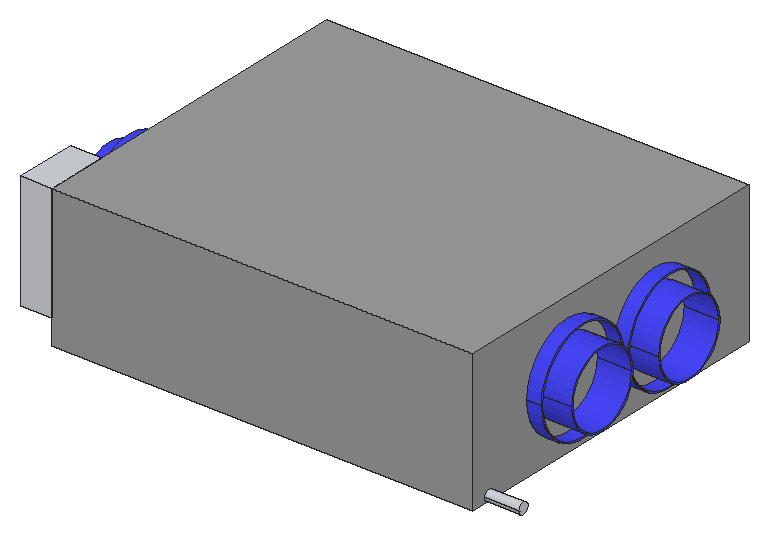
Revit family "H_e80", category Generic Models, Revit 2018
Family settings
  Can host rebar = No
  Round Connector Dimension = Use Diameter
  Part Type = Normal
  Work Plane-Based = No
  Always vertical = No
  Cut with Voids When Loaded = No
  Shared = No
  Room Calculation Point = No
Parameters (values of type "H80")
  Weight on expedition = "42.00 lb"
  Weight = "35.00 lb"
  MinDucking = 1"
  MaxDucking = 2.25"
  Manufacturer = ""
  Longueur = 27"
  Largeur = 22"
  Hauteur = 9"
  Filter number = "2"
  Fan Number = "2"
  E_con_H = 0.98438"
  E_Con_L = 3"
  Drain_Con_L = 1.19922"
  Drain_Con_H = 0.39844"
  Drain = yes
  D_SA_L = 7.5"
  D_SA_H = 3.82422"
  D_RA_L = 5.08594"
  D_RA_H = 4.49609"
  D_OA_L = 7.55078"
  D_OA_H = 4.64453"
  D_EA_L = 7.5"
  D_EA_H = 4.5"
  DI_out_int = 3.23047"
  DI_Out_out = 3.29297"
  DI_IN_out = 2.42188"
  DI_IN_Int = 2.36328"
  Clearence = 12"
  A = 0.8 A
Types (3): name | Drain
  (no name) | yes
  H80 | yes
  E80 | no
Reference planes (in)
  plane 1 "Center (Front/Back)": y = 0
  plane 2: z = 0
  plane 3 "Center (Left/Right)": x = 0
  plane 4: x = -13.5
  plane 5: y = 11
  plane 6: y = -11
  plane 7: x = 13.5
  plane 8: z = 9
  plane 9: x = -15.75
  plane 10: x = -14.5
  plane 11: x = 15.75
  plane 12: x = 14.5
  plane 13: z = -12
Forms (in)
  Extrusion 1, solid, material "Default"
    sketch origin (0, 0, 0) x (1, 0, 0) y (0, 1, 0)
      loop
        line (-13.5, 11) -> (-13.5, -11) -> (13.5, -11) -> (13.5, 11) -> (-13.5, 11)
    from 0 to 9
  Extrusion 2, solid
    sketch origin (0, 0, 0) x (0, 1, 0) y (0, 0, 1)
      loop
        line (-11, 1.58) -> (-7, 1.58) -> (-7, 9) -> (-11, 9) -> (-11, 1.58)
    from -15.48906 to -13.5
  Extrusion 3, solid, material "Poche"
    sketch origin (0, 0, -0.77059) x (0, 1, 0) y (0, 0, 1)
      loop
        circle (5.91406, 5.2745) r 2.42188
      loop
        circle (5.91406, 5.2745) r 2.36328
      loop
        circle (-3.5, 5.94637) r 2.42188
      loop
        circle (-3.5, 5.94637) r 2.36328
    from -13.5 to -15.75
  Extrusion 4, solid, material "Poche"
    sketch origin (0, 0, 0) x (0, 1, 0) y (0, 0, 1)
      loop
        circle (5.91406, 4.50391) r 3.29297
      loop
        circle (5.91406, 4.50391) r 3.23047
      loop
        circle (-3.5, 5.17578) r 3.29297
      loop
        circle (-3.5, 5.17578) r 3.23047
    from -14.5 to -13.5
  Extrusion 5, solid, material "Poche"
    sketch origin (0, 0, 0) x (0, 1, 0) y (0, 0, 1)
      loop
        circle (-3.5, 4.5) r 3.29297
      loop
        circle (-3.5, 4.5) r 3.23047
      loop
        circle (3.44922, 4.35547) r 3.23047
      loop
        circle (3.44922, 4.35547) r 3.29297
    from 13.5 to 14.5
  Extrusion 6, solid, material "Poche"
    sketch origin (0, 0, 0) x (0, 1, 0) y (0, 0, 1)
      loop
        circle (-3.5, 4.5) r 2.42188
      loop
        circle (-3.5, 4.5) r 2.36328
      loop
        circle (3.44922, 4.35547) r 2.42188
      loop
        circle (3.44922, 4.35547) r 2.36328
    from 15.75 to 13.5
  Extrusion 7, solid
    sketch origin (0, 0, 0) x (0, 1, 0) y (0, 0, 1)
      loop
        circle (-8, 8.01562) r 0.4375
    from -15.48906 to -15.75
  Extrusion 8, solid, visible <- "Drain"
    sketch origin (0, 0, 0) x (0, 1, 0) y (0, 0, 1)
      loop
        circle (-9.80078, 0.39844) r 0.335
    from 15.75 to 13.5
  Extrusion 9, void
    sketch origin (0, 0, 0) x (1, 0, 0) y (0, 0, 1)
      loop
        line (13.5, -12) -> (13.5, 0) -> (-13.5, 0) -> (-13.5, -12) -> (13.5, -12)
    from -11 to 11
Dimensions and locks (in)
  plane 4 to plane 3 "Center (Left/Right)" to plane 7 = 13.5", 13.5"
  "Longueur": plane 4 to plane 7
  equal spacing: plane 5, plane 1 "Center (Front/Back)", plane 6
  "Largeur": plane 5 to plane 6
  "Hauteur": plane 8 to level
  "MinDucking": plane 10 to plane 4
  "MaxDucking": plane 4 to plane 9
  plane 6 to Extrusion 2 sketch curve = 4"
  plane 8 to Extrusion 2 sketch curve = 7.42"
  Extrusion 2 to Extrusion 1 = 1.98906"
  "D_RA_L": Extrusion 3 sketch curve to plane 5
  "D_RA_H": plane 8 to Extrusion 3 sketch curve
  "D_SA_L": Extrusion 3 sketch curve to plane 6
  "D_SA_H": plane 8 to Extrusion 3 sketch curve
  "D_RA_L": plane 5 to Extrusion 4 sketch curve
  "D_RA_H": plane 8 to Extrusion 4 sketch curve
  "D_SA_L": Extrusion 4 sketch curve to plane 6
  "D_SA_H": plane 8 to Extrusion 4 sketch curve
  "D_EA_L": plane 6 to Extrusion 5 sketch curve
  "D_EA_H": plane 8 to Extrusion 5 sketch curve
  "D_OA_L": Extrusion 5 sketch curve to plane 5
  "D_OA_H": plane 8 to Extrusion 5 sketch curve
  "D_EA_L": plane 6 to Extrusion 6 sketch curve
  "D_EA_H": plane 8 to Extrusion 6 sketch curve
  "D_OA_L": Extrusion 6 sketch curve to plane 5
  "D_OA_H": plane 8 to Extrusion 6 sketch curve
  "E_con_H": plane 8 to Extrusion 7 sketch curve
  "E_Con_L": Extrusion 7 sketch curve to plane 6
  "Drain_Con_L": plane 6 to Extrusion 8 sketch curve
  "Drain_Con_H": Extrusion 8 sketch curve to level
  "Clearence": plane 13 to plane 2
  "DI_IN_out": radius of Extrusion 3 sketch curve  (x2)
  "DI_IN_Int": radius of Extrusion 3 sketch curve  (x2)
  "DI_out_int": radius of Extrusion 4 sketch curve  (x2)
  "DI_Out_out": radius of Extrusion 4 sketch curve  (x2)
  "DI_Out_out": radius of Extrusion 5 sketch curve  (x2)
  "DI_out_int": radius of Extrusion 5 sketch curve  (x2)
  "DI_IN_out": radius of Extrusion 6 sketch curve  (x2)
  "DI_IN_Int": radius of Extrusion 6 sketch curve  (x2)
  aligned and locked: plane 2 to level
  aligned and locked: Extrusion 1 to plane 4
  aligned and locked: plane 8 to Extrusion 1
Automatic sketch dimensions
  plane 4 to Extrusion 1 sketch curve = 0"
  Extrusion 1 sketch curve to plane 7 = 0"
  plane 6 to Extrusion 1 sketch curve = 0"
  Extrusion 1 sketch curve to plane 5 = 0"
  Extrusion 2 sketch curve to plane 6 = 0"
  Extrusion 2 sketch curve to plane 8 = 0"
  Extrusion 3 sketch curve to Extrusion 3 sketch curve = 0"  (x4)
  Extrusion 4 sketch curve to Extrusion 4 sketch curve = 0"  (x4)
  Extrusion 5 sketch curve to Extrusion 5 sketch curve = 0"  (x4)
  Extrusion 6 sketch curve to Extrusion 6 sketch curve = 0"  (x4)
  Extrusion 9 sketch curve to plane 4 = 0"
  Extrusion 9 sketch curve to level = 0"
  Extrusion 9 sketch curve to plane 7 = 0"
  Extrusion 9 sketch curve to plane 13 = 0"
  radius of Extrusion 7 sketch curve = 0.4375"
  radius of Extrusion 8 sketch curve = 0.335"
Connectors (in)
  cabletrayconduit at (-13.5, 5.91406, 4.50391), diameter 5
    settings: on Extrusion 3, index 1, connector width 12", connector height 12", connector angle 0.00°, system type 32, placement type 0, profile type 0, connector reference index -1, is primary connector yes, connector utility param no, connector description ""
  cabletrayconduit at (-13.5, -3.5, 5.17578), diameter 5
    settings: on Extrusion 3, index 2, connector width 12", connector height 12", connector angle 0.00°, system type 32, placement type 0, profile type 0, connector reference index -1, is primary connector no, connector utility param no, connector description ""
  cabletrayconduit at (13.5, -3.5, 4.5), diameter 5
    settings: on Extrusion 6, index 3, connector width 12", connector height 12", connector angle 0.00°, system type 32, placement type 0, profile type 0, connector reference index -1, is primary connector no, connector utility param no, connector description ""
  cabletrayconduit at (13.5, 3.44922, 4.35547), diameter 5
    settings: on Extrusion 6, index 4, connector width 12", connector height 12", connector angle 0.00°, system type 32, placement type 0, profile type 0, connector reference index -1, is primary connector no, connector utility param no, connector description ""
  electrical at (-15.48906, -8, 8.01563), driven by "Manufacturer"
    settings: on Extrusion 7, index 5, voltage 120 V, apparent load 0 VA, apparent load phase1 0 VA, apparent load phase2 0 VA, apparent load phase3 0 VA, power factor 1, load classification "HVAC", number of poles 1, system type 30, power factor state 1, is connector primary yes, connector utility no, sub classification motor no, connector description ""
  piping at (15.75, -9.80078, 0.39844), diameter 0.5
    settings: on Extrusion 8, index 6, connector inside diameter 24", connector length 0", flow factor 0, pipe flow 0 GPM, pressure drop 0.00 psi, fitting loss kfactor 0, connector angle 0.00°, fixture units 0, engagement length 0", angle of deflection 0.00°, flow configuration 0, flow direction 2, fitting loss method 0, system type 19, joint type 0, gender type 0, connector reference index -1, connector utility 0, adjustable connector no, is connector primary yes, connector description ""
